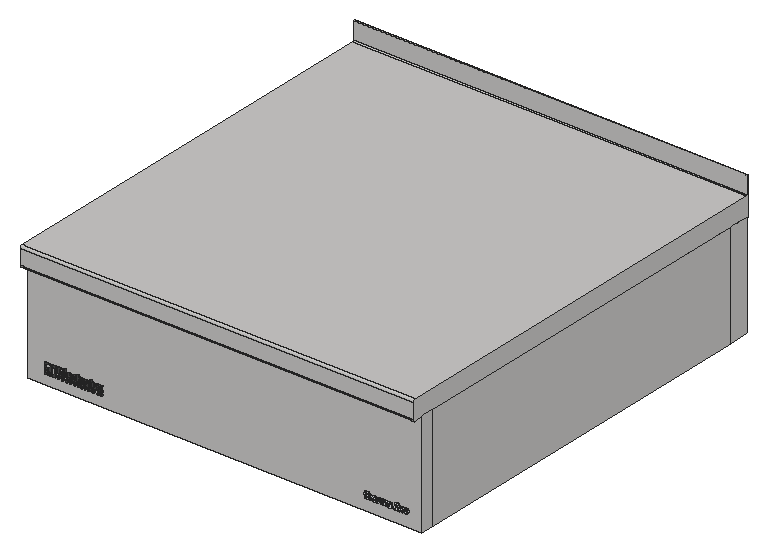
Revit family "QF_ELECTROLUXPROFESSIONAL_588567_MBNABBHOOO", category Attrezzature speciali, Revit 2020
Family settings
  Quota connettore circolare = Usa diametro
  Tipo di parte = Normale
  Basato su piano di lavoro = No
  Sempre verticale = Sì
  Taglio con vuoti quando caricato = No
  Condiviso = No
  Punto di calcolo locali = No
Parameters (values of type "Standard")
  Weight = 25.00 kg
  Watts = 0 W
  Volts = 0 V
  URL Manufacturer = "https://www.electroluxprofessional.com/"
  URL = "https://www.electroluxprofessional.com/"
  Steam Supply Size = 0"
  Steam Supply Minimum Pressure = 0.00 psi
  Steam Supply Maximum Pressure = 0.00 psi
  Steam Consumption per Hour = 0
  Refrigeration Suction Line Size = 0 mm
  Refrigeration Liquid Line Size = 0 mm
  Refrigerant Compressor Remote = yes
  Prospetto di default = 0 mm
  Phase = 0
  Modello = "MBNABBHOOO"
  Produttore = "Electrolux Professional"
  Length Actual = 800 mm  # constant formula
  Item Number = "588567"
  Hot Water Size = 0"
  Height Actual = 250 mm  # constant formula
  HP = "0 HP"
  Gas Size = 0"
  Gas KW = 0
  Gas Input Pressure = 0.0 Btu/h
  Direct Waste Size = 0"
  Descrizione = "WORK TOP,CLOSED,1-S,BACKSPL,800X850X250H"
  Depth Actual = 850 mm  # constant formula
  Cycle = 0 Hz
  Condensate Return Size = 0"
  Compressed Air Volume = 0 GPM
  Compressed Air Size = 0"
  Compressed Air Pressure = 0.00 psi
  Cold Water Size = 0"
  Accessory = yes
Reference planes
  plane 1 "BACK": y = 0
  plane 2: z = 0
  plane 3 "LEFT": x = 0
  plane 4 "RIGHT": x = 800
  plane 5 "FRONT": y = -850
  plane 6 "PLAIN": z = 900
  plane 7 "Center (Left/Right)": x = 400
  plane 8 "Center (Front/Back)": y = -425
  plane 9 "Grill": z = 888
  plane 10 "BASE": z = 650
  plane 11 "TOP": z = 938
  plane 12: x = 685
  plane 13: x = 35
Forms (mm)
  Extrusion 1, solid, material "QF_Finishes_Stainless Steel"
    sketch origin (0, 0, 650) x (0, 1, 0) y (0, 0, 1)
      loop
        line (0, 288) -> (-2, 288) -> (-2, 252)
        arc (-2, 252) -> (-2.586, 250.586) -> (-4, 250) r 2
        line (-4, 250) -> (-845, 250)
        arc (-845, 250) -> (-848.536, 248.536) -> (-850, 245) r 5
        line (-850, 245) -> (-850, 214)
        arc (-850, 214) -> (-848.571, 210.936) -> (-845.305, 210.061) r 4
        line (-845.305, 210.061) -> (-830, 212.969) -> (-20, 212.969) -> (-4.695, 210.061)
        arc (-4.695, 210.061) -> (-1.429, 210.936) -> (0, 214) r 4
        line (0, 214) -> (0, 288)
    from 0 to 800
  Extrusion 2, solid, material "QF_Finishes_Stainless Steel"
    sketch origin (400, 296.4, 1869.2) x (0, 1, 0) y (0, 0, 1)
      loop
        line (-299.4, -1009.461) -> (-316.4, -1006.231) -> (-341.4, -1006.231) -> (-341.4, -1219.2) -> (-299.4, -1219.2) -> (-299.4, -1009.461)
    from -400 to 400
  Extrusion 3, solid, material "QF_Finishes_Stainless Steel"
    sketch origin (0, 0, 650) x (0, 1, 0) y (0, 0, 1)
      loop
        line (-45, 212.969) -> (-805, 212.969) -> (-805, 0) -> (-45, 0) -> (-45, 212.969)
    from 0 to 800
  Extrusion 4, solid, material "QF_Finishes_Stainless Steel"
    sketch origin (0, 0, 0) x (0, 1, 0) y (0, 0, 1)
      loop
        line (-805, 862.969) -> (-830, 862.969) -> (-830, 650) -> (-805, 650) -> (-805, 862.969)
    from 0 to 800
Lines and regions (mm)
  symbolic lines
    curve 1: line (0, -850, 0) -> (0, 0, 0)
    curve 2: line (0, -850, 888) -> (800, -850, 888)
    curve 3: line (800, 0, 888) -> (0, 0, 888)
    curve 4: line (800, -850, 888) -> (800, 0, 888)
    curve 5: line (800, -2, 888) -> (0, -2, 888)
Dimensions and locks
  plane 3 "LEFT" to plane 4 "RIGHT" = 800 mm
  plane 5 "FRONT" to plane 1 "BACK" = 850 mm
  equal spacing: plane 3 "LEFT", plane 7 "Center (Left/Right)", plane 4 "RIGHT"
  equal spacing: plane 5 "FRONT", plane 8 "Center (Front/Back)", plane 1 "BACK"
  locked: plane 6 "PLAIN" to level at 900
  plane 6 "PLAIN" to plane 10 "BASE" = 250 mm
  plane 11 "TOP" to plane 6 "PLAIN" = 38 mm
  locked: plane 12 to plane 4 "RIGHT" at 115
  plane 13 to plane 3 "LEFT" = 35 mm
  aligned and locked: level to plane 2
  aligned and locked: Extrusion 4 to plane 3 "LEFT"
  aligned and locked: Extrusion 4 to plane 4 "RIGHT"
  aligned and locked: plane 3 "LEFT" to Extrusion 2
  aligned and locked: Extrusion 2 to plane 4 "RIGHT"
  aligned and locked: Extrusion 3 to plane 4 "RIGHT"
  aligned and locked: Extrusion 3 to plane 3 "LEFT"
  aligned and locked: Extrusion 1 to plane 3 "LEFT"
  aligned and locked: Extrusion 1 to plane 4 "RIGHT"
  aligned and locked: nested 1 to plane 12
Automatic sketch dimensions
  plane 1 "BACK" to curve 1 = 0 mm
  curve 1 to plane 3 "LEFT" = 0 mm
  plane 5 "FRONT" to curve 1 = 0 mm
  Extrusion 1 sketch curve to plane 5 "FRONT" = 0 mm
  Extrusion 1 sketch curve to plane 6 "PLAIN" = 0 mm
  Extrusion 1 sketch curve to plane 11 "TOP" = 0 mm
  Extrusion 1 sketch curve to plane 1 "BACK" = 0 mm
  Extrusion 1 sketch curve to Extrusion 1 sketch curve = 4 mm
  Extrusion 1 sketch curve to Extrusion 1 sketch curve = 0.695 mm
  Extrusion 1 sketch curve to Extrusion 1 sketch curve = 5 mm
  Extrusion 1 sketch curve to Extrusion 1 sketch curve = 15.305 mm
  plane 1 "BACK" to Extrusion 1 sketch curve = 20 mm
  plane 1 "BACK" to Extrusion 1 sketch curve = 4.695 mm
  plane 1 "BACK" to Extrusion 1 sketch curve = 4 mm  (x2)
  plane 1 "BACK" to Extrusion 1 sketch curve = 2 mm
  Extrusion 1 sketch curve to plane 9 "Grill" = 24 mm  (x2)
  Extrusion 1 sketch curve to Extrusion 1 sketch curve = 2.909 mm
  Extrusion 2 sketch curve to plane 10 "BASE" = 0 mm
  plane 1 "BACK" to Extrusion 2 sketch curve = 45 mm
  plane 1 "BACK" to Extrusion 2 sketch curve = 20 mm
  plane 1 "BACK" to Extrusion 2 sketch curve = 3 mm
  Extrusion 2 sketch curve to plane 9 "Grill" = 28.261 mm
  Extrusion 2 sketch curve to plane 9 "Grill" = 25.031 mm
  Extrusion 3 sketch curve to plane 10 "BASE" = 0 mm
  Extrusion 3 sketch curve to plane 5 "FRONT" = 45 mm
  plane 1 "BACK" to Extrusion 3 sketch curve = 45 mm
  Extrusion 3 sketch curve to plane 9 "Grill" = 25.031 mm
  curve 2 to plane 4 "RIGHT" = 0 mm
  plane 5 "FRONT" to curve 2 = 0 mm
  curve 5 to plane 3 "LEFT" = 0 mm
  plane 1 "BACK" to curve 4 = 0 mm
  curve 3 to plane 3 "LEFT" = 0 mm
  curve 2 to plane 3 "LEFT" = 0 mm
  curve 5 to curve 3 = 2 mm
  Extrusion 4 sketch curve to plane 10 "BASE" = 0 mm
  Extrusion 4 sketch curve to plane 5 "FRONT" = 20 mm
  Extrusion 4 sketch curve to Extrusion 4 sketch curve = 25 mm
  Extrusion 4 sketch curve to plane 9 "Grill" = 25.031 mm
Nested families
  nested 1: "ELX_ThermaLine_Small" at (724.867, -830, 680) x (1, 0, 0) z (0, -1, 0), type "ELX_ThermaLine_Small"
    with Show Logo yes, Material_Logo QF_Finishes_Black
  nested 2: "ELX_Professional_Logo_Small" at (94.486, -830, 682.232) x (1, 0, 0) z (0, -1, 0), type "ELX_Professional_Logo_Small"
    with Show Logo yes, Material_Logo QF_Finishes_Black
Definition of nested family "ELX_ThermaLine_Small"
  Parameters
    Show Logo [instance] = yes
    Material_Logo [instance] = none
    Default Elevation = 0 mm
  Reference planes
    plane 1 "Centro (Fronte/Retro)": y = 0
    plane 2: z = 0
    plane 3 "Centro (Sinistra/Destra)": x = 0
  Forms (mm)
    Extrusion 1, solid
      sketch origin (0, 0, 0) x (1, 0, 0) y (0, 1, 0)
        loop
          line (-1219.2, 1219.2) -> (-1219.2, -1219.2) -> (1219.2, -1219.2) -> (1219.2, 1219.2) -> (-1219.2, 1219.2)
      from 0 to -304.8
    Extrusion 2, solid
      sketch origin (0, 0, 0) x (1, 0, 0) y (0, 1, 0)
        loop
          line (-37.494, 1.229) -> (-35.908, 1.229) -> (-35.908, 3.066) -> (-37.494, 3.066) -> (-37.494, 6.221) -> (-39.867, 4.881) -> (-39.867, 3.066) -> (-40.969, 3.066) -> (-40.969, 1.229) -> (-39.867, 1.229) -> (-39.867, -3.407)
          arc (-39.867, -3.407) -> (-38.982, -5.513) -> (-36.751, -6.001) r 2.478
          line (-36.751, -6.001) -> (-35.638, -5.7) -> (-35.9, -3.835) -> (-36.661, -4.039)
          arc (-36.661, -4.039) -> (-37.236, -3.924) -> (-37.494, -3.399) r 0.662
          line (-37.494, -3.399) -> (-37.494, 1.229)
        loop
          line (-34.242, 6.539) -> (-34.242, -5.848) -> (-31.854, -5.848) -> (-31.854, -0.078)
          arc (-31.854, -0.078) -> (-30.939, 1.249) -> (-29.33, 1.367) r 1.866
          arc (-29.33, 1.367) -> (-28.695, 0.768) -> (-28.461, -0.073) r 1.627
          line (-28.461, -0.073) -> (-28.461, -5.848) -> (-26.086, -5.848) -> (-26.064, -0.46)
          arc (-26.064, -0.46) -> (-26.261, 0.932) -> (-26.786, 2.237) r 5.825
          arc (-26.786, 2.237) -> (-29.381, 3.264) -> (-31.854, 1.971) r 3.353
          line (-31.854, 1.971) -> (-31.854, 6.539) -> (-34.242, 6.539)
        loop
          arc (-18.398, -0.598) -> (-18.893, 0.879) -> (-20.326, 1.487) r 1.897
          arc (-20.326, 1.487) -> (-21.461, 0.708) -> (-21.897, -0.598) r 2.164
          line (-21.897, -0.598) -> (-18.398, -0.598)
        loop
          arc (-16.021, -2.044) -> (-16.754, 1.227) -> (-19.444, 3.226) r 4.814
          arc (-19.444, 3.226) -> (-22.137, 2.788) -> (-23.943, 0.743) r 4.054
          arc (-23.943, 0.743) -> (-24.382, -1.249) -> (-24.162, -3.276) r 6.289
          arc (-24.162, -3.276) -> (-23.302, -4.71) -> (-21.958, -5.705) r 4.28
          arc (-21.958, -5.705) -> (-18.558, -5.814) -> (-16.152, -3.409) r 4.28
          line (-16.152, -3.409) -> (-18.5, -2.995)
          arc (-18.5, -2.995) -> (-19.273, -3.994) -> (-20.533, -4.076) r 1.536
          arc (-20.533, -4.076) -> (-21.56, -3.281) -> (-21.958, -2.044) r 2.197
          line (-21.958, -2.044) -> (-16.021, -2.044)
        loop
          line (-14.165, -5.848) -> (-11.819, -5.848) -> (-11.819, -2.138)
          arc (-11.819, -2.138) -> (-11.787, -1.156) -> (-11.637, -0.185) r 8.18
          arc (-11.637, -0.185) -> (-10.644, 0.972) -> (-9.132, 0.776) r 1.603
          line (-9.132, 0.776) -> (-8.419, 2.846)
          arc (-8.419, 2.846) -> (-10.432, 3.118) -> (-11.994, 1.821) r 2.527
          line (-11.994, 1.821) -> (-11.994, 3.094) -> (-14.165, 3.094) -> (-14.165, -5.848)
        loop
          line (-7.579, 3.094) -> (-7.579, -5.848) -> (-5.178, -5.848) -> (-5.178, -0.756)
          arc (-5.178, -0.756) -> (-4.727, 0.679) -> (-3.417, 1.419) r 2.05
          arc (-3.417, 1.419) -> (-2.499, 0.908) -> (-2.155, -0.085) r 1.471
          line (-2.155, -0.085) -> (-2.155, -5.848) -> (0.23, -5.848) -> (0.23, -1.001)
          arc (0.23, -1.001) -> (0.47, 0.127) -> (1.148, 1.061) r 2.775
          arc (1.148, 1.061) -> (2.225, 1.329) -> (3.05, 0.587) r 1.182
          arc (3.05, 0.587) -> (3.199, -0.019) -> (3.214, -0.642) r 2.894
          line (3.214, -0.642) -> (3.214, -5.848) -> (5.601, -5.848) -> (5.601, 0.261)
          arc (5.601, 0.261) -> (4.87, 2.263) -> (2.976, 3.241) r 2.932
          arc (2.976, 3.241) -> (1.284, 2.973) -> (-0.047, 1.896) r 3.309
          arc (-0.047, 1.896) -> (-1.116, 2.865) -> (-2.506, 3.258) r 3.16
          arc (-2.506, 3.258) -> (-4.105, 2.942) -> (-5.376, 1.92) r 3.419
          line (-5.376, 1.92) -> (-5.376, 3.094) -> (-7.579, 3.094)
        loop
          line (7.583, 0.738) -> (9.702, 0.364)
          arc (9.702, 0.364) -> (11.441, 1.492) -> (12.855, -0.023) r 1.613
          line (12.855, -0.023) -> (9.782, -0.789)
          arc (9.782, -0.789) -> (8.559, -1.346) -> (7.617, -2.305) r 3.687
          arc (7.617, -2.305) -> (7.499, -3.681) -> (7.901, -5.003) r 3.651
          arc (7.901, -5.003) -> (9.107, -5.766) -> (10.515, -6.006) r 3.635
          arc (10.515, -6.006) -> (11.898, -5.697) -> (13.067, -4.895) r 3.734
          line (13.067, -4.895) -> (13.376, -5.848) -> (15.75, -5.848) -> (15.212, -4.193) -> (15.212, 0.38)
          arc (15.212, 0.38) -> (14.897, 1.849) -> (13.818, 2.895) r 2.585
          arc (13.818, 2.895) -> (11.792, 3.442) -> (9.719, 3.11) r 5.005
          arc (9.719, 3.11) -> (8.369, 2.178) -> (7.583, 0.738) r 3.54
        loop
          line (19.723, -5.848) -> (22.233, -5.848) -> (24.854, 6.484) -> (22.345, 6.484) -> (19.723, -5.848)
        loop
          line (24.583, -5.848) -> (26.953, -5.848) -> (28.848, 3.066) -> (26.478, 3.066) -> (24.583, -5.848)
        loop
          line (27.204, 6.484) -> (26.741, 4.305) -> (29.111, 4.305) -> (29.575, 6.484) -> (27.204, 6.484)
        loop
          line (29.355, -5.848) -> (31.849, -5.848) -> (33.098, 0.028)
          arc (33.098, 0.028) -> (34.169, 1.306) -> (35.832, 1.422) r 2.132
          arc (35.832, 1.422) -> (36.324, 0.752) -> (36.383, -0.078) r 1.5
          line (36.383, -0.078) -> (35.157, -5.848) -> (37.536, -5.848) -> (38.936, 0.738)
          arc (38.936, 0.738) -> (38.775, 2.091) -> (37.825, 3.066) r 2.118
          arc (37.825, 3.066) -> (35.392, 3.175) -> (33.295, 1.937) r 4.271
          line (33.295, 1.937) -> (33.535, 3.066) -> (31.25, 3.066) -> (29.355, -5.848)
        loop
          line (42.792, -0.64) -> (46.589, -0.64)
          arc (46.589, -0.64) -> (46.639, 0.124) -> (46.327, 0.823) r 1.589
          arc (46.327, 0.823) -> (45.117, 1.521) -> (43.762, 1.183) r 1.865
          arc (43.762, 1.183) -> (43.141, 0.344) -> (42.792, -0.64) r 3.538
        loop
          line (42.565, -2.138) -> (48.593, -2.138)
          arc (48.593, -2.138) -> (48.58, 0.597) -> (46.983, 2.818) r 4.494
          arc (46.983, 2.818) -> (44.191, 3.28) -> (41.725, 1.891) r 4.26
          arc (41.725, 1.891) -> (40.503, -0.3) -> (40.284, -2.799) r 6.003
          arc (40.284, -2.799) -> (40.959, -4.468) -> (42.377, -5.576) r 3.482
          arc (42.377, -5.576) -> (44.265, -5.961) -> (46.152, -5.576) r 4.823
          arc (46.152, -5.576) -> (47.432, -4.731) -> (48.328, -3.485) r 4.245
          line (48.328, -3.485) -> (46.168, -3.105)
          arc (46.168, -3.105) -> (45.214, -4.072) -> (43.859, -4.181) r 1.953
          arc (43.859, -4.181) -> (42.821, -3.408) -> (42.565, -2.138) r 1.81
        loop
          line (12.868, -1.553) -> (10.216, -2.214)
          arc (10.216, -2.214) -> (9.747, -3.136) -> (10.216, -4.058) r 1.14
          arc (10.216, -4.058) -> (11.537, -4.249) -> (12.614, -3.46) r 1.763
          arc (12.614, -3.46) -> (12.858, -2.522) -> (12.868, -1.553) r 3.97
      from 0 to 1.6
  Dimensions and locks
    aligned and locked: plane 2 to Extrusion 1
    aligned and locked: level to Extrusion 1
Definition of nested family "ELX_Professional_Logo_Small"
  Parameters
    Show Logo [instance] = yes
    Material_Logo [instance] = none
    Default Elevation = 0 mm
  Reference planes
    plane 1 "Centro (Fronte/Retro)": y = 0
    plane 2: z = 0
    plane 3 "Centro (Sinistra/Destra)": x = 0
  Forms (mm)
    Extrusion 1, solid
      sketch origin (0, 0, 0) x (1, 0, 0) y (0, 1, 0)
        loop
          line (-1219.2, 1219.2) -> (-1219.2, -1219.2) -> (1219.2, -1219.2) -> (1219.2, 1219.2) -> (-1219.2, 1219.2)
      from 0 to -304.8
    Extrusion 2, solid, material <- "Material_Logo"
      sketch origin (15.5, 0, 0) x (1, 0, 0) y (0, 1, 0)
        loop
          spline (-42.99, -1.24) -> (-43.195, -1.231) -> (-43.415, -1.203) -> (-43.642, -1.152) -> (-43.87, -1.074) -> (-44.095, -0.966) -> (-44.309, -0.825) -> (-44.506, -0.647) -> (-44.681, -0.429) -> (-44.828, -0.167) -> (-44.94, 0.142) -> (-45.011, 0.501) -> (-45.037, 0.915)
          line (-45.037, 0.915) -> (-45.037, 2.748) -> (-38.984, 2.748) -> (-38.984, 5.086) -> (-45.038, 5.086) -> (-45.038, 8.489) -> (-38.599, 8.489) -> (-38.599, 10.82) -> (-47.515, 10.82) -> (-47.515, 1.021)
          spline (-47.515, 1.021) -> (-47.493, 0.418) -> (-47.425, -0.15) -> (-47.311, -0.682) -> (-47.15, -1.175) -> (-46.939, -1.628) -> (-46.678, -2.038) -> (-46.365, -2.404) -> (-46, -2.723) -> (-45.58, -2.995) -> (-45.105, -3.216) -> (-44.573, -3.385) -> (-43.983, -3.499)
          line (-43.983, -3.499) -> (-43.01, -3.569) -> (-38.426, -3.569) -> (-38.426, -1.24) -> (-42.99, -1.24)
        loop
          line (-36.666, 4.021) -> (-36.666, -3.573) -> (-34.188, -3.573) -> (-34.188, 10.824) -> (-36.666, 10.824) -> (-36.666, 4.021)
        loop
          spline (-21.915, 1.897) -> (-21.957, 2.615) -> (-22.082, 3.303) -> (-22.285, 3.955) -> (-22.563, 4.564) -> (-22.913, 5.124) -> (-23.331, 5.629) -> (-23.814, 6.074) -> (-24.359, 6.451) -> (-24.961, 6.755) -> (-25.618, 6.98) -> (-26.326, 7.119) -> (-27.081, 7.167)
          spline (-27.081, 7.167) -> (-27.853, 7.122) -> (-28.586, 6.99) -> (-29.275, 6.774) -> (-29.915, 6.478) -> (-30.5, 6.104) -> (-31.024, 5.657) -> (-31.483, 5.138) -> (-31.871, 4.553) -> (-32.182, 3.904) -> (-32.411, 3.194) -> (-32.552, 2.427) -> (-32.6, 1.606)
          spline (-32.6, 1.606) -> (-32.553, 0.805) -> (-32.416, 0.057) -> (-32.193, -0.637) -> (-31.887, -1.271) -> (-31.504, -1.843) -> (-31.048, -2.35) -> (-30.523, -2.788) -> (-29.934, -3.154) -> (-29.284, -3.444) -> (-28.579, -3.656) -> (-27.822, -3.785) -> (-27.019, -3.829)
          spline (-27.019, -3.829) -> (-26.627, -3.82) -> (-26.239, -3.79) -> (-25.856, -3.739) -> (-25.477, -3.663) -> (-25.103, -3.562) -> (-24.734, -3.432) -> (-24.369, -3.273) -> (-24.01, -3.082) -> (-23.655, -2.858) -> (-23.305, -2.597) -> (-22.96, -2.299) -> (-22.621, -1.962)
          line (-22.621, -1.962) -> (-24.114, -0.509)
          spline (-24.114, -0.509) -> (-24.311, -0.699) -> (-24.509, -0.872) -> (-24.71, -1.03) -> (-24.915, -1.172) -> (-25.126, -1.297) -> (-25.346, -1.407) -> (-25.576, -1.5) -> (-25.817, -1.576) -> (-26.072, -1.636) -> (-26.342, -1.678) -> (-26.629, -1.704) -> (-26.936, -1.713)
          spline (-26.936, -1.713) -> (-27.384, -1.691) -> (-27.805, -1.625) -> (-28.196, -1.518) -> (-28.556, -1.372) -> (-28.882, -1.187) -> (-29.174, -0.966) -> (-29.429, -0.71) -> (-29.645, -0.422) -> (-29.821, -0.102) -> (-29.955, 0.247) -> (-30.045, 0.623) -> (-30.089, 1.026)
          line (-30.089, 1.026) -> (-21.956, 1.026) -> (-21.915, 1.897)
        loop
          spline (-24.446, 2.769) -> (-24.47, 3.075) -> (-24.54, 3.37) -> (-24.654, 3.65) -> (-24.807, 3.913) -> (-24.996, 4.156) -> (-25.219, 4.376) -> (-25.472, 4.57) -> (-25.753, 4.736) -> (-26.057, 4.869) -> (-26.382, 4.968) -> (-26.724, 5.03) -> (-27.081, 5.051)
          spline (-27.081, 5.051) -> (-27.464, 5.03) -> (-27.832, 4.97) -> (-28.183, 4.872) -> (-28.513, 4.74) -> (-28.819, 4.577) -> (-29.099, 4.384) -> (-29.347, 4.165) -> (-29.563, 3.923) -> (-29.742, 3.659) -> (-29.881, 3.377) -> (-29.977, 3.079) -> (-30.027, 2.769)
          line (-30.027, 2.769) -> (-24.446, 2.769)
        loop
          spline (-18.167, 1.669) -> (-18.138, 2.13) -> (-18.055, 2.567) -> (-17.921, 2.978) -> (-17.739, 3.358) -> (-17.512, 3.705) -> (-17.243, 4.016) -> (-16.937, 4.287) -> (-16.596, 4.517) -> (-16.223, 4.7) -> (-15.823, 4.835) -> (-15.398, 4.919) -> (-14.951, 4.947)
          spline (-14.951, 4.947) -> (-14.677, 4.938) -> (-14.414, 4.913) -> (-14.162, 4.871) -> (-13.921, 4.812) -> (-13.69, 4.738) -> (-13.467, 4.649) -> (-13.254, 4.544) -> (-13.048, 4.424) -> (-12.85, 4.291) -> (-12.659, 4.143) -> (-12.474, 3.981) -> (-12.295, 3.806)
          line (-12.295, 3.806) -> (-10.76, 5.403)
          spline (-10.76, 5.403) -> (-11.065, 5.709) -> (-11.38, 5.984) -> (-11.703, 6.228) -> (-12.035, 6.443) -> (-12.375, 6.63) -> (-12.723, 6.788) -> (-13.078, 6.92) -> (-13.44, 7.026) -> (-13.809, 7.107) -> (-14.184, 7.164) -> (-14.564, 7.198) -> (-14.951, 7.209)
          spline (-14.951, 7.209) -> (-15.725, 7.161) -> (-16.467, 7.02) -> (-17.169, 6.792) -> (-17.826, 6.482) -> (-18.43, 6.096) -> (-18.976, 5.637) -> (-19.455, 5.112) -> (-19.862, 4.525) -> (-20.19, 3.882) -> (-20.433, 3.189) -> (-20.584, 2.449) -> (-20.635, 1.669)
          spline (-20.635, 1.669) -> (-20.584, 0.889) -> (-20.433, 0.149) -> (-20.19, -0.545) -> (-19.862, -1.187) -> (-19.455, -1.774) -> (-18.976, -2.299) -> (-18.43, -2.758) -> (-17.826, -3.145) -> (-17.169, -3.454) -> (-16.467, -3.682) -> (-15.725, -3.823) -> (-14.951, -3.871)
          spline (-14.951, -3.871) -> (-14.564, -3.86) -> (-14.184, -3.826) -> (-13.809, -3.77) -> (-13.44, -3.689) -> (-13.078, -3.583) -> (-12.723, -3.451) -> (-12.375, -3.292) -> (-12.035, -3.105) -> (-11.703, -2.89) -> (-11.38, -2.646) -> (-11.065, -2.371) -> (-10.76, -2.066)
          line (-10.76, -2.066) -> (-12.295, -0.468)
          spline (-12.295, -0.468) -> (-12.474, -0.643) -> (-12.659, -0.805) -> (-12.85, -0.953) -> (-13.048, -1.087) -> (-13.254, -1.206) -> (-13.467, -1.311) -> (-13.69, -1.4) -> (-13.921, -1.475) -> (-14.162, -1.533) -> (-14.414, -1.575) -> (-14.677, -1.6) -> (-14.951, -1.609)
          spline (-14.951, -1.609) -> (-15.398, -1.581) -> (-15.823, -1.497) -> (-16.223, -1.362) -> (-16.596, -1.179) -> (-16.937, -0.95) -> (-17.243, -0.678) -> (-17.512, -0.367) -> (-17.739, -0.02) -> (-17.921, 0.36) -> (-18.055, 0.771) -> (-18.138, 1.208) -> (-18.167, 1.669)
        loop
          spline (-4.441, -1.243) -> (-4.659, -1.247) -> (-4.894, -1.23) -> (-5.137, -1.19) -> (-5.384, -1.121) -> (-5.628, -1.021) -> (-5.864, -0.884) -> (-6.084, -0.708) -> (-6.283, -0.488) -> (-6.454, -0.219) -> (-6.592, 0.101) -> (-6.69, 0.478) -> (-6.742, 0.914)
          line (-6.742, 0.914) -> (-6.742, 4.587) -> (-4.487, 4.587) -> (-4.487, 6.838) -> (-6.738, 6.838) -> (-6.738, 10.824) -> (-9.217, 10.824) -> (-9.217, 0.773)
          spline (-9.217, 0.773) -> (-9.164, 0.19) -> (-9.068, -0.358) -> (-8.928, -0.87) -> (-8.742, -1.343) -> (-8.511, -1.777) -> (-8.232, -2.168) -> (-7.904, -2.515) -> (-7.527, -2.816) -> (-7.098, -3.069) -> (-6.618, -3.273) -> (-6.084, -3.426) -> (-5.496, -3.525)
          line (-5.496, -3.525) -> (-4.45, -3.573) -> (-4.441, -1.243)
        loop
          spline (3.898, 6.983) -> (3.469, 7.009) -> (3.056, 7.001) -> (2.661, 6.961) -> (2.283, 6.888) -> (1.925, 6.785) -> (1.588, 6.652) -> (1.272, 6.49) -> (0.979, 6.301) -> (0.71, 6.085) -> (0.465, 5.844) -> (0.247, 5.578) -> (0.056, 5.289)
          line (0.056, 5.289) -> (0.056, 6.838) -> (-2.402, 6.838) -> (-2.402, -3.572) -> (0.056, -3.572) -> (0.056, 1.901)
          spline (0.056, 1.901) -> (0.079, 2.316) -> (0.145, 2.703) -> (0.254, 3.06) -> (0.404, 3.386) -> (0.592, 3.679) -> (0.818, 3.938) -> (1.08, 4.162) -> (1.375, 4.348) -> (1.703, 4.495) -> (2.062, 4.602) -> (2.45, 4.668) -> (2.865, 4.69)
          line (2.865, 4.69) -> (3.898, 4.586) -> (3.898, 6.983)
        loop
          spline (15.638, 1.633) -> (15.586, 2.396) -> (15.435, 3.124) -> (15.192, 3.81) -> (14.863, 4.449) -> (14.455, 5.034) -> (13.975, 5.56) -> (13.43, 6.021) -> (12.826, 6.411) -> (12.17, 6.724) -> (11.469, 6.955) -> (10.729, 7.098) -> (9.958, 7.147)
          spline (9.958, 7.147) -> (9.182, 7.098) -> (8.44, 6.955) -> (7.737, 6.724) -> (7.081, 6.411) -> (6.477, 6.021) -> (5.933, 5.56) -> (5.454, 5.034) -> (5.048, 4.449) -> (4.721, 3.81) -> (4.479, 3.124) -> (4.329, 2.396) -> (4.277, 1.633)
          spline (4.277, 1.633) -> (4.329, 0.869) -> (4.479, 0.141) -> (4.721, -0.544) -> (5.048, -1.183) -> (5.454, -1.768) -> (5.933, -2.294) -> (6.477, -2.755) -> (7.081, -3.145) -> (7.737, -3.459) -> (8.44, -3.69) -> (9.182, -3.833) -> (9.958, -3.882)
          spline (9.958, -3.882) -> (10.729, -3.833) -> (11.469, -3.69) -> (12.17, -3.459) -> (12.826, -3.145) -> (13.43, -2.755) -> (13.975, -2.294) -> (14.455, -1.768) -> (14.863, -1.183) -> (15.192, -0.544) -> (15.435, 0.141) -> (15.586, 0.869) -> (15.638, 1.633)
        loop
          spline (13.18, 1.633) -> (13.151, 2.083) -> (13.067, 2.513) -> (12.932, 2.918) -> (12.748, 3.296) -> (12.52, 3.642) -> (12.251, 3.954) -> (11.943, 4.227) -> (11.601, 4.459) -> (11.228, 4.645) -> (10.828, 4.782) -> (10.403, 4.867) -> (9.958, 4.896)
          spline (9.958, 4.896) -> (9.509, 4.867) -> (9.081, 4.782) -> (8.679, 4.645) -> (8.306, 4.459) -> (7.964, 4.227) -> (7.658, 3.954) -> (7.39, 3.642) -> (7.163, 3.296) -> (6.981, 2.918) -> (6.847, 2.513) -> (6.765, 2.083) -> (6.736, 1.633)
          spline (6.736, 1.633) -> (6.765, 1.182) -> (6.847, 0.753) -> (6.981, 0.347) -> (7.163, -0.031) -> (7.39, -0.377) -> (7.658, -0.689) -> (7.964, -0.962) -> (8.306, -1.193) -> (8.679, -1.38) -> (9.081, -1.517) -> (9.509, -1.602) -> (9.958, -1.631)
          spline (9.958, -1.631) -> (10.403, -1.602) -> (10.828, -1.517) -> (11.228, -1.38) -> (11.601, -1.193) -> (11.943, -0.962) -> (12.251, -0.689) -> (12.52, -0.377) -> (12.748, -0.031) -> (12.932, 0.347) -> (13.067, 0.753) -> (13.151, 1.182) -> (13.18, 1.633)
        loop
          line (17.162, 4.269) -> (17.162, -3.573) -> (19.642, -3.573) -> (19.642, 10.824) -> (17.162, 10.824) -> (17.162, 4.269)
        loop
          line (28.581, 6.838) -> (28.581, 0.786)
          spline (28.581, 0.786) -> (28.561, 0.393) -> (28.503, 0.038) -> (28.409, -0.279) -> (28.281, -0.559) -> (28.122, -0.802) -> (27.933, -1.011) -> (27.717, -1.185) -> (27.476, -1.325) -> (27.213, -1.433) -> (26.929, -1.509) -> (26.626, -1.554) -> (26.308, -1.569)
          spline (26.308, -1.569) -> (25.99, -1.554) -> (25.688, -1.509) -> (25.404, -1.434) -> (25.141, -1.326) -> (24.9, -1.187) -> (24.684, -1.014) -> (24.496, -0.807) -> (24.336, -0.565) -> (24.209, -0.288) -> (24.115, 0.026) -> (24.057, 0.376) -> (24.037, 0.765)
          line (24.037, 0.765) -> (24.037, 6.838) -> (21.537, 6.838) -> (21.537, 0.558)
          spline (21.537, 0.558) -> (21.581, -0.153) -> (21.71, -0.8) -> (21.916, -1.384) -> (22.195, -1.904) -> (22.54, -2.362) -> (22.944, -2.757) -> (23.403, -3.09) -> (23.909, -3.362) -> (24.456, -3.572) -> (25.04, -3.722) -> (25.652, -3.811) -> (26.288, -3.841)
          spline (26.288, -3.841) -> (26.929, -3.811) -> (27.547, -3.72) -> (28.135, -3.568) -> (28.687, -3.355) -> (29.197, -3.079) -> (29.66, -2.741) -> (30.068, -2.341) -> (30.415, -1.877) -> (30.696, -1.349) -> (30.905, -0.757) -> (31.034, -0.101) -> (31.079, 0.621)
          line (31.079, 0.621) -> (31.079, 6.838) -> (28.581, 6.838)
        loop
          line (40.457, -0.243) -> (38.894, 1.942) -> (40.83, 4.579) -> (42.488, 6.837) -> (39.782, 6.837) -> (37.53, 3.719) -> (35.258, 6.837) -> (32.573, 6.837) -> (34.113, 4.731) -> (36.167, 1.922) -> (34.014, -1.076) -> (32.222, -3.573) -> (34.887, -3.573) -> (37.53, 0.104) -> (40.174, -3.573) -> (42.839, -3.573) -> (40.457, -0.243)
        loop
          line (-46.121, -5.837) -> (-48.039, -5.837) -> (-48.039, -10.814) -> (-47.016, -10.814) -> (-47.016, -9.128) -> (-46.121, -9.128)
          arc (-46.121, -9.128) -> (-44.476, -7.482) -> (-46.121, -5.837) r 1.645
        loop
          line (-46.163, -6.778) -> (-47.016, -6.778) -> (-47.016, -8.187) -> (-46.163, -8.187)
          arc (-46.163, -8.187) -> (-45.458, -7.482) -> (-46.163, -6.778) r 0.704
        loop
          line (-38.313, -5.837) -> (-40.265, -5.837) -> (-40.265, -10.814) -> (-39.241, -10.814) -> (-39.241, -9.1) -> (-38.46, -9.182) -> (-37.48, -10.814) -> (-36.318, -10.814) -> (-37.513, -8.848)
          arc (-37.513, -8.848) -> (-36.888, -8.266) -> (-36.671, -7.441) r 1.536
          arc (-36.671, -7.441) -> (-37.165, -6.305) -> (-38.313, -5.837) r 1.643
        loop
          arc (-38.402, -8.166) -> (-37.707, -7.505) -> (-38.334, -6.778) r 0.696
          line (-38.334, -6.778) -> (-39.241, -6.778) -> (-39.241, -8.166) -> (-38.402, -8.166)
        loop
          circle (-29.965, -8.325) r 2.585
        loop
          circle (-29.965, -8.325) r 1.64
        loop
          line (-23.1, -5.837) -> (-23.1, -10.814) -> (-22.076, -10.814) -> (-22.076, -8.768) -> (-20.204, -8.768) -> (-20.204, -7.828) -> (-22.076, -7.828) -> (-22.076, -6.778) -> (-20.024, -6.778) -> (-20.024, -5.837) -> (-23.1, -5.837)
        loop
          line (-15.802, -5.837) -> (-15.802, -9.2)
          arc (-15.802, -9.2) -> (-15.343, -10.34) -> (-14.209, -10.814) r 1.593
          line (-14.209, -10.814) -> (-12.602, -10.814) -> (-12.602, -10.027) -> (-14.004, -10.027)
          arc (-14.004, -10.027) -> (-14.552, -9.8) -> (-14.779, -9.252) r 0.775
          line (-14.779, -9.252) -> (-14.779, -8.424) -> (-12.789, -8.424) -> (-12.789, -7.642) -> (-14.779, -7.642) -> (-14.779, -6.778) -> (-12.651, -6.778) -> (-12.651, -5.837) -> (-15.802, -5.837)
        loop
          line (-5.909, -7.143) -> (-5.173, -6.638)
          arc (-5.173, -6.638) -> (-5.855, -5.974) -> (-6.781, -5.755) r 1.782
          arc (-6.781, -5.755) -> (-7.397, -5.878) -> (-7.944, -6.189) r 1.974
          arc (-7.944, -6.189) -> (-8.202, -6.5) -> (-8.317, -6.888) r 1.013
          arc (-8.317, -6.888) -> (-8.306, -7.341) -> (-8.192, -7.78) r 1.985
          arc (-8.192, -7.78) -> (-7.749, -8.259) -> (-7.171, -8.563) r 1.928
          arc (-7.171, -8.563) -> (-6.637, -8.779) -> (-6.131, -9.056) r 5.041
          arc (-6.131, -9.056) -> (-5.934, -9.387) -> (-6.09, -9.74) r 0.42
          arc (-6.09, -9.74) -> (-6.631, -9.96) -> (-7.204, -9.845) r 1.016
          arc (-7.204, -9.845) -> (-7.625, -9.603) -> (-7.889, -9.196) r 1.033
          line (-7.889, -9.196) -> (-8.67, -9.686)
          arc (-8.67, -9.686) -> (-8.361, -10.198) -> (-7.908, -10.589) r 1.914
          arc (-7.908, -10.589) -> (-7.334, -10.834) -> (-6.714, -10.896) r 2.063
          arc (-6.714, -10.896) -> (-5.947, -10.743) -> (-5.256, -10.376) r 2.696
          arc (-5.256, -10.376) -> (-4.95, -9.565) -> (-5.108, -8.712) r 1.618
          arc (-5.108, -8.712) -> (-5.448, -8.319) -> (-5.884, -8.035) r 1.876
          arc (-5.884, -8.035) -> (-6.434, -7.789) -> (-6.999, -7.577) r 9.883
          arc (-6.999, -7.577) -> (-7.325, -7.07) -> (-6.854, -6.694) r 0.45
          arc (-6.854, -6.694) -> (-6.329, -6.809) -> (-5.909, -7.143) r 1.197
        loop
          line (1.61, -7.143) -> (2.345, -6.638)
          arc (2.345, -6.638) -> (1.663, -5.974) -> (0.737, -5.755) r 1.782
          arc (0.737, -5.755) -> (0.121, -5.878) -> (-0.425, -6.189) r 1.974
          arc (-0.425, -6.189) -> (-0.683, -6.5) -> (-0.799, -6.888) r 1.013
          arc (-0.799, -6.888) -> (-0.788, -7.341) -> (-0.674, -7.78) r 1.985
          arc (-0.674, -7.78) -> (-0.231, -8.259) -> (0.347, -8.563) r 1.928
          arc (0.347, -8.563) -> (0.881, -8.779) -> (1.387, -9.056) r 5.041
          arc (1.387, -9.056) -> (1.584, -9.387) -> (1.428, -9.74) r 0.42
          arc (1.428, -9.74) -> (0.887, -9.96) -> (0.314, -9.845) r 1.016
          arc (0.314, -9.845) -> (-0.107, -9.603) -> (-0.371, -9.196) r 1.033
          line (-0.371, -9.196) -> (-1.152, -9.686)
          arc (-1.152, -9.686) -> (-0.842, -10.198) -> (-0.39, -10.589) r 1.914
          arc (-0.39, -10.589) -> (0.184, -10.834) -> (0.804, -10.896) r 2.063
          arc (0.804, -10.896) -> (1.572, -10.743) -> (2.263, -10.376) r 2.696
          arc (2.263, -10.376) -> (2.568, -9.565) -> (2.411, -8.712) r 1.618
          arc (2.411, -8.712) -> (2.07, -8.319) -> (1.635, -8.035) r 1.876
          arc (1.635, -8.035) -> (1.084, -7.789) -> (0.519, -7.577) r 9.883
          arc (0.519, -7.577) -> (0.193, -7.07) -> (0.665, -6.694) r 0.45
          arc (0.665, -6.694) -> (1.189, -6.809) -> (1.61, -7.143) r 1.197
        loop
          line (6.801, -5.837) -> (6.801, -10.814) -> (7.825, -10.814) -> (7.825, -5.837) -> (6.801, -5.837)
        loop
          circle (14.724, -8.325) r 1.548
        loop
          circle (14.724, -8.325) r 2.585
        loop
          line (21.59, -10.814) -> (22.623, -10.814) -> (22.623, -7.685) -> (24.9, -10.814) -> (25.895, -10.814) -> (25.895, -5.837) -> (24.861, -5.837) -> (24.861, -9.061) -> (22.585, -5.837) -> (21.59, -5.837) -> (21.59, -10.814)
        loop
          line (31.054, -10.814) -> (31.539, -9.74) -> (33.38, -9.74) -> (33.865, -10.814) -> (34.965, -10.814) -> (32.46, -5.837) -> (29.956, -10.814) -> (31.054, -10.814)
        loop
          line (32.46, -7.698) -> (31.999, -8.719) -> (32.921, -8.719) -> (32.46, -7.698)
        loop
          line (40.047, -9.873) -> (40.047, -5.837) -> (39.024, -5.837) -> (39.024, -10.814) -> (41.961, -10.814) -> (41.961, -9.873) -> (40.047, -9.873)
        loop
          line (-74.986, -10.814) -> (-53.322, -10.814) -> (-53.322, 10.82) -> (-74.986, 10.82) -> (-74.986, -10.814)
        loop
          line (-61.261, 9.758) -> (-61.261, -9.707)
          arc (-61.261, -9.707) -> (-54.066, 0.025) -> (-61.261, 9.758) r 10.18
        loop
          line (-62.251, 8.349) -> (-62.251, 9.758)
          arc (-62.251, 9.758) -> (-70.347, 7.918) -> (-74.247, 0.59) r 9.976
          line (-74.247, 0.59) -> (-71.026, 0.59)
          arc (-71.026, 0.59) -> (-65.274, 2.925) -> (-62.251, 8.349) r 9.351
        loop
          arc (-74.247, -0.539) -> (-70.353, -7.928) -> (-62.251, -9.957) r 10.237
          line (-62.251, -9.957) -> (-62.251, -8.298)
          arc (-62.251, -8.298) -> (-65.274, -2.874) -> (-71.026, -0.539) r 9.351
          line (-71.026, -0.539) -> (-74.247, -0.539)
      from 0 to 1.644
  Dimensions and locks
    aligned and locked: plane 2 to Extrusion 1
    aligned and locked: level to Extrusion 1
